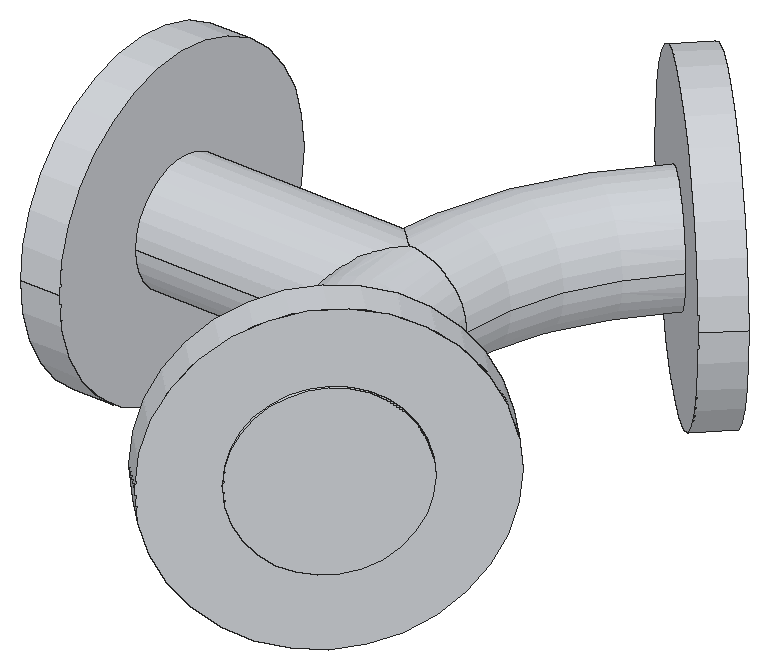
Revit family "3c03d22d487640419596f9bad5fb75bb", category Pipe Fittings, Revit 2021
Family settings
  Round Connector Dimension = Use Radius
  Part Type = Wye
  OmniClass Number = 23.60.30.11.14
  OmniClass Title = Pipework Fittings
  Seek Item ID = Wye True - Flanged - GI - Class 250-0000-USA-ENU
  Work Plane-Based = No
  Always vertical = Yes
  Cut with Voids When Loaded = No
  Shared = No
Parameters (values of type "Standard")
  Wall Thickness [instance] = size_lookup(Lookup Table Name, "WThk", 0.055 * Nominal Diameter + 97/256", Nominal Diameter)  # 0.43701"
  Loss Method = Not Defined
  Lookup Table Name = "Wye True - Flanged - GI - Class 250"
  Length C3 2 [instance] = Length 6 + Radius 2 - Radius 2 * cos(Angle 4) + Flange Thickness * sin(Angle 4)  # 4.02482"
  Length C3 1 [instance] = Radius 2 * sin(Angle 4) + Flange Thickness * cos(Angle 4)  # 4.02482"
  Length C2 2 [instance] = Length 6 + Radius 1 - Radius 1 * cos(Angle 3) + Flange Thickness * sin(Angle 3)  # 4.02482"
  Length C2 1 [instance] = Radius 1 * sin(Angle 3) + Flange Thickness * cos(Angle 3)  # 4.02482"
  Length 10 [instance] = Flange Thickness  # 0.68898"
  Tick Size [instance] = Flange Diameter * 0.4  # 1.95276"
  Short Center to Face [instance] = size_lookup(Lookup Table Name, "SCtF", 0.35 * Nominal Diameter + 1 111/128", Nominal Diameter)  # 2.24409"
  Raised Face Thickness [instance] = 1/16"  # constant formula
  Raised Face Radius [instance] = Raised Face Diameter / 2  # 1.33858"
  Raised Face Diameter [instance] = size_lookup(Lookup Table Name, "RFD", 1.2 * Nominal Diameter + 2 1/256", Nominal Diameter)  # 2.67717"
  Radius 1 [instance] = if(Flange Diameter * 2 / 2 > Length 3 * tan(Angle 1), Flange Diameter * 2 / 2 + 31/256", Length 3 * tan(Angle 1))  # 5.00298"
  Radius 2 [instance] = if(Flange Diameter * 2 / 2 > sin(Angle 2) * Length 6 / (1 - sin(Angle 2)), Flange Diameter * 2 / 2 + 31/256", sin(Angle 2) * Length 6 / (1 - sin(Angle 2)))  # 5.00298"
  Length 8 [instance] = Flange Thickness - Raised Face Thickness  # 0.62648"
  Length 7 [instance] = Length 3 + Flange Thickness  # 4.01575"
  Length 6 [instance] = Length 4 - Radius 1  # 2.0723"
  Length 4 [instance] = Radius 1 / sin(Angle 1)  # 7.07529"
  Length 5 [instance] = Radius 2 + Length 6  # 7.07529"
  Length 3 [instance] = if(Length 1 < Length 2, Center to Face - Flange Thickness, Length 1 / sin(Angle 5))  # 3.32677"
  Length 2 [instance] = (Center to Face - Flange Thickness) * sin(Angle 5)  # 2.35238"
  Length 1 [instance] = Flange Radius * cos(Angle 5)  # 1.72601"
  Fitting Outside Radius [instance] = Fitting Outside Diameter / 2  # 0.92913"
  Fitting Outside Diameter [instance] = Fitting Inside Diameter + Wall Thickness * 2  # 1.85827"
  Default Elevation = 0' - 0"
  Center to Face [instance] = size_lookup(Lookup Table Name, "CtF", 0.82 * Nominal Diameter + 3 63/128", Nominal Diameter)  # 4.01575"
  Nominal Radius [instance] = 1/2"
  Nominal Diameter [instance] = Nominal Radius * 2  # 1"
  Flange Thickness [instance] = size_lookup(Lookup Table Name, "FThk", 0.083 * Nominal Diameter + 217/256", Nominal Diameter)  # 0.68898"
  Flange Radius [instance] = Flange Diameter / 2  # 2.44094"
  Flange Diameter [instance] = size_lookup(Lookup Table Name, "FDia", 1.34 * Nominal Diameter + 4 3/16", Nominal Diameter)  # 4.88189"
  Fitting Inside Diameter [instance] = size_lookup(Lookup Table Name, "FID", 0.97 * Nominal Diameter + 13/128", Nominal Diameter)  # 0.98425"
  Angle 5 [instance] = if(Angle 1 < Angle 2, Angle 1, Angle 2)  # 45.00°
  Angle 3 [instance] = 90.00° - Angle 1  # 45.00°
  Angle 4 [instance] = 90.00° - Angle 2  # 45.00°
  Angle 1 [instance] = 45.00°
  Angle 2 [instance] = 45.00°
Reference planes (in)
  plane 1 "Center (Front/Back)": y = 0
  plane 2: z = 0
  plane 3 "Center (Left/Right)": x = 0
  plane 4: x = -2.24409
  plane 5: x = -1.55512
  plane 6: x = 7.07529
  plane 7: x = 2.0723
  plane 8: x = 7.07529
  plane 9: x = 2.0723
  plane 10: y = 1.95276
  plane 11: y = -1.95276
  plane 12: x = -1.55512
  plane 13: x = -2.18159
  plane 14: y = 4.02482
  plane 15: x = 4.02482
  plane 16: y = -4.02482
  plane 17: x = 4.02482
Forms (in)
  Sweep 1, solid, detail levels fine
    path in 3D
      loop
        line (-1.55512, 0, 0) -> (2.0723, 0, 0)
    profile origin (0.25859, 0, 0) x (0, 1, 0) y (0, 0, 1)
      loop
        circle (0, 0) r 0.92913
  Sweep 2, solid, detail levels fine
    path in 3D
      loop
        line (-2.18159, 0, 0) -> (-1.55512, 0, 0)
    profile origin (-1.86836, 0, 0) x (0, 1, 0) y (0, 0, 1)
      loop
        circle (0, 0) r 2.44094
  Sweep 3, solid, detail levels fine
    path in 3D
      loop
        arc (2.0723, 0, 0) -> (2.45313, 1.91456, 0) -> (3.53764, 3.53764, 0) r 5.00298
    profile origin (2.45313, 1.91456, 0) x (-0.92388, 0.382683, 0) y (0, 0, 1)
      loop
        circle (0, 0) r 0.92913
  Sweep 4, solid, detail levels fine
    path in 3D
      loop
        arc (2.0723, 0, 0) -> (2.45313, -1.91456, 0) -> (3.53764, -3.53764, 0) r 5.00298
    profile origin (2.45313, -1.91456, 0) x (0.92388, 0.382683, 0) y (0, 0, 1)
      loop
        circle (0, 0) r 0.92913
  Sweep 5, solid, detail levels fine
    path in 3D
      loop
        line (-2.24409, 0, 0) -> (-2.18159, 0, 0)
    profile origin (-2.21284, 0, 0) x (0, 1, 0) y (0, 0, 1)
      loop
        circle (0, 0) r 1.33858
  Sweep 6, solid, detail levels fine
    path in 3D
      loop
        line (4.02482, 4.02482, 0) -> (3.53764, 3.53764, 0)
    profile origin (3.78123, 3.78123, 0) x (0.707107, -0.707107, 0) y (0, 0, 1)
      loop
        circle (0, 0) r 2.44094
  Sweep 7, void
    path in 3D
      loop
        line (4.02482, 4.02482, 0) -> (3.98063, 3.98063, 0)
    profile origin (4.00273, 4.00273, 0) x (0.707107, -0.707107, 0) y (0, 0, 1)
      loop
        circle (0, 0) r 2.44094
      loop
        circle (0, 0) r 1.33858
  Sweep 8, solid, detail levels fine
    path in 3D
      loop
        line (4.02482, -4.02482, 0) -> (3.53764, -3.53764, 0)
    profile origin (3.78123, -3.78123, 0) x (-0.707107, -0.707107, 0) y (0, 0, 1)
      loop
        circle (0, 0) r 2.44094
  Sweep 9, void
    path in 3D
      loop
        line (4.02482, -4.02482, 0) -> (3.98063, -3.98063, 0)
    profile origin (4.00273, -4.00273, 0) x (-0.707107, -0.707107, 0) y (0, 0, 1)
      loop
        circle (0, 0) r 2.44094
      loop
        circle (0, 0) r 1.33858
Cuts and joins
  Sweep 7 cuts Sweep 3
  Sweep 9 cuts Sweep 4
  Sweep 7 cuts Sweep 6
  Sweep 9 cuts Sweep 8
  joined: Sweep 1, Sweep 2, Sweep 3, Sweep 4, Sweep 5, Sweep 6, Sweep 8
Lines and regions (in)
  model lines, detail levels coarse+medium
    curve 1: line (-2.18159, 0, 0) -> (-1.55512, 0, 0)
    curve 2: line (-1.55512, 0, 0) -> (0, 0, 0)
    curve 3: arc (2.0723, 0, 0) -> (2.45313, 1.91456, 0) -> (3.53764, 3.53764, 0) r 5.00298
    curve 4: arc (2.0723, 0, 0) -> (2.45313, -1.91456, 0) -> (3.53764, -3.53764, 0) r 5.00298
    curve 5: line (-1.55512, 0, 0) -> (2.0723, 0, 0)
    curve 6: line (-1.55512, 0, 0) -> (2.0723, 0, 0)
    curve 11: line (-2.24409, 1.95276, 0) -> (-2.24409, -1.95276, 0)
    curve 13: line (-2.24409, 0, 0) -> (-2.18159, 0, 0)
    curve 15: line (4.02482, 4.02482, 0) -> (3.53764, 3.53764, 0)
    curve 20: line (4.02482, -4.02482, 0) -> (3.53764, -3.53764, 0)
    curve 25: line (4.02482, 4.02482, 0) -> (5.40563, 2.64402, 0)
    curve 26: line (4.02482, 4.02482, 0) -> (2.64402, 5.40563, 0)
    curve 27: line (4.02482, -4.02482, 0) -> (5.40563, -2.64402, 0)
    curve 28: line (4.02482, -4.02482, 0) -> (2.64402, -5.40563, 0)
  sketch lines
    curve 7: line (-1.55512, 0, 0) -> (2.0723, 0, 0)
    curve 8: line (-2.18159, 0, 0) -> (-1.55512, 0, 0)
    curve 9: arc (2.0723, 0, 0) -> (2.45313, 1.91456, 0) -> (3.53764, 3.53764, 0) r 5.00298
    curve 10: arc (2.0723, 0, 0) -> (2.45313, -1.91456, 0) -> (3.53764, -3.53764, 0) r 5.00298
    curve 14: line (-2.24409, 0, 0) -> (-2.18159, 0, 0)
    curve 16: line (4.02482, 4.02482, 0) -> (3.53764, 3.53764, 0)
    curve 18: line (4.02482, 4.02482, 0) -> (3.98063, 3.98063, 0)
    curve 21: line (4.02482, -4.02482, 0) -> (3.53764, -3.53764, 0)
    curve 23: line (4.02482, -4.02482, 0) -> (3.98063, -3.98063, 0)
  reference lines
    curve 12: line (-2.24409, 0, 0) -> (-1.55512, 0, 0)
    curve 17: line (4.02482, 4.02482, 0) -> (3.98063, 3.98063, 0)
    curve 19: line (4.02482, 4.02482, 0) -> (3.53764, 3.53764, 0)
    curve 22: line (4.02482, -4.02482, 0) -> (3.98063, -3.98063, 0)
    curve 24: line (4.02482, -4.02482, 0) -> (3.53764, -3.53764, 0)
Dimensions and locks (in)
  "Flange Thickness": plane 4 to plane 5
  "Short Center to Face": plane 4 to plane 3 "Center (Left/Right)"
  "Length 5": plane 3 "Center (Left/Right)" to plane 6
  "Radius 2": plane 7 to plane 6
  "Length 4": plane 3 "Center (Left/Right)" to plane 8
  "Radius 1": plane 9 to plane 8
  "Tick Size": plane 10 to plane 1 "Center (Front/Back)"
  "Tick Size": plane 11 to plane 1 "Center (Front/Back)"
  locked: plane 4 to plane 12 at 0.68898
  "Raised Face Thickness": plane 4 to plane 13
  "Length C3 1": plane 14 to plane 1 "Center (Front/Back)"
  "Length C3 2": plane 3 "Center (Left/Right)" to plane 15
  "Flange Thickness": curve 15 to curve 15
  "Raised Face Thickness": curve 17 to curve 17
  "Length 10": curve 19 to curve 19
  "Length C2 1": plane 1 "Center (Front/Back)" to plane 16
  "Length C2 2": plane 3 "Center (Left/Right)" to plane 17
  "Flange Thickness": curve 20 to curve 20
  "Raised Face Thickness": curve 22 to curve 22
  "Length 10": curve 24 to curve 24
  "Tick Size": curve 25 to curve 25
  "Tick Size": curve 26 to curve 26
  "Tick Size": curve 28 to curve 28
  "Tick Size": curve 27 to curve 27
  "Radius 2": radius of curve 3
  "Radius 1": radius of curve 4
  "Fitting Outside Radius": radius of Sweep 1 sketch curve
  "Flange Radius": radius of Sweep 2 sketch curve
  "Fitting Outside Radius": radius of Sweep 3 sketch curve
  "Fitting Outside Radius": radius of Sweep 4 sketch curve
  "Raised Face Radius": radius of Sweep 5 sketch curve
  "Flange Radius": radius of Sweep 6 sketch curve
  "Flange Radius": radius of Sweep 7 sketch curve
  "Raised Face Radius": radius of Sweep 7 sketch curve
  "Flange Radius": radius of Sweep 8 sketch curve
  "Flange Radius": radius of Sweep 9 sketch curve
  "Raised Face Radius": radius of Sweep 9 sketch curve
  "Angle 4": angle curve 3 to curve 3
  "Angle 3": angle curve 4 to curve 4
  "Angle 4": angle curve 15 to plane 15
  "Angle 4": angle curve 17 to plane 15
  "Angle 4": angle curve 19 to plane 15
  "Angle 3": angle plane 17 to curve 20
  "Angle 3": angle plane 17 to curve 22
  "Angle 3": angle plane 17 to curve 24
  locked: curve 15 to curve 25 (angle 90.00°)
  locked: curve 26 to curve 15 (angle 90.00°)
  locked: curve 27 to curve 20 (angle 90.00°)
  locked: curve 20 to curve 28 (angle 90.00°)
  aligned and locked: plane 1 "Center (Front/Back)" to curve 1
  aligned and locked: plane 1 "Center (Front/Back)" to curve 3
  aligned and locked: plane 1 "Center (Front/Back)" to curve 4
  aligned and locked: plane 5 to curve 5
  aligned and locked: plane 1 "Center (Front/Back)" to curve 5
  aligned and locked: plane 10 to curve 11
  aligned and locked: plane 11 to curve 11
  aligned and locked: curve 11 to plane 4
  aligned and locked: plane 12 to curve 12
  aligned and locked: plane 4 to curve 12
  aligned and locked: plane 1 "Center (Front/Back)" to curve 12
  aligned and locked: plane 13 to curve 1
  aligned and locked: plane 4 to curve 13
  aligned and locked: plane 1 "Center (Front/Back)" to curve 13
  aligned and locked: plane 14 to curve 17
  aligned and locked: plane 15 to curve 17
  aligned and locked: plane 16 to curve 20
  aligned and locked: plane 17 to curve 20
  aligned and locked: plane 16 to curve 22
  aligned and locked: plane 17 to curve 22
Automatic sketch dimensions
  Sweep 1 sketch curve to profile plane = 0' - 0"  (x2)
  Sweep 2 sketch curve to profile plane = 0' - 0"  (x2)
  Sweep 3 sketch curve to profile plane = 0' - 0"  (x2)
  Sweep 4 sketch curve to profile plane = 0' - 0"  (x2)
  Sweep 5 sketch curve to profile plane = 0' - 0"  (x2)
  Sweep 6 sketch curve to profile plane = 0' - 0"  (x2)
  Sweep 7 sketch curve to Sweep 7 sketch curve = 0' - 0"  (x2)
  Sweep 7 sketch curve to profile plane = 0' - 0"  (x2)
  Sweep 8 sketch curve to profile plane = 0' - 0"  (x2)
  Sweep 9 sketch curve to Sweep 9 sketch curve = 0' - 0"  (x2)
  Sweep 9 sketch curve to profile plane = 0' - 0"  (x2)
  curve 2 to plane 3 "Center (Left/Right)" = 0' - 0"
Connectors (in)
  piping at (-2.24409, 0, 0), diameter 1, driven by "Nominal Radius"
    settings: on Sweep 5, index 1, connector inside diameter 1", connector length 0' - 0", flow factor 0, pipe flow 0 GPM, pressure drop 0.00 psi, fitting loss kfactor 0, connector angle 0.00°, fixture units 0, engagement length 0' - 0", angle of deflection 0.00°, flow configuration 0, flow direction 0, fitting loss method 0, system type 28, joint type 0, gender type 0, connector reference index -1, connector utility 0, adjustable connector no, is connector primary yes, connector description ""
  piping at (4.02482, -4.02482, 0), diameter 1, driven by "Nominal Radius", driven by "Angle 1"
    settings: on cut or joined group of Sweep 1, Sweep 2, Sweep 3, Sweep 4, Sweep 5, Sweep 6, Sweep 7, Sweep 8, Sweep 9, index 2, connector inside diameter 1", connector length 0' - 0", flow factor 0, pipe flow 0 GPM, pressure drop 0.00 psi, fitting loss kfactor 0, connector angle 45.00°, fixture units 0, engagement length 0' - 0", angle of deflection 0.00°, flow configuration 0, flow direction 0, fitting loss method 0, system type 28, joint type 0, gender type 0, connector reference index -1, connector utility 0, adjustable connector no, is connector primary no, connector description ""
  piping at (4.02482, 4.02482, 0), diameter 1, driven by "Nominal Radius", driven by "Angle 2"
    settings: on cut or joined group of Sweep 1, Sweep 2, Sweep 3, Sweep 4, Sweep 5, Sweep 6, Sweep 7, Sweep 8, Sweep 9, index 3, connector inside diameter 1", connector length 0' - 0", flow factor 0, pipe flow 0 GPM, pressure drop 0.00 psi, fitting loss kfactor 0, connector angle 45.00°, fixture units 0, engagement length 0' - 0", angle of deflection 0.00°, flow configuration 0, flow direction 0, fitting loss method 0, system type 28, joint type 0, gender type 0, connector reference index -1, connector utility 0, adjustable connector no, is connector primary no, connector description ""
